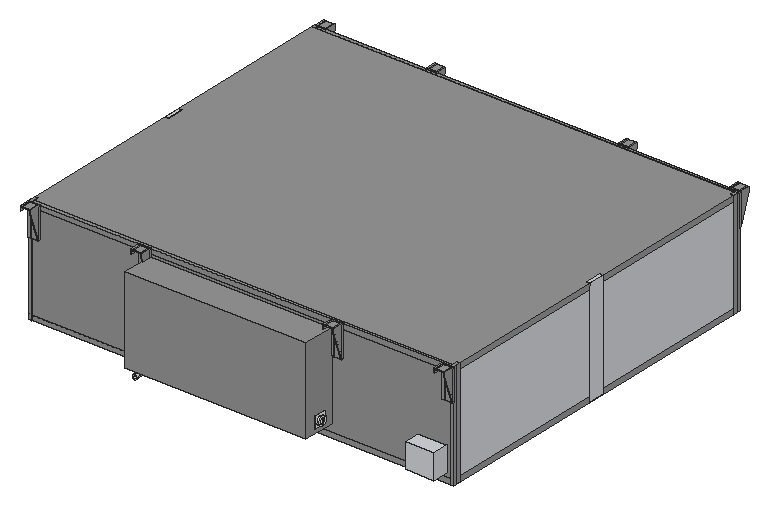
Revit family "НЕВАТОМ_Neiva 2 подвесная CX-Е-R 1000, Версия 2", category Оборудование, Revit 2017
Family settings
  Размер круглого соединителя = Использовать диаметр
  Тип детали = Нормальный
  На основе рабочей плоскости = Да
  Всегда вертикально = Нет
  При загрузке вырезать с полостями = Нет
  Общий = Нет
  Точка расчета площади = Нет
Parameters (values of type "СX-1000-E-R")
  а1 = 40 mm
  а = 527 mm
  Default Elevation = 0 mm
  m = 271 mm
  l1 = 700 mm
  l штуцер = 125 mm
  l двигателя = 350 mm
  l = 470 mm
  k = 20 mm
  h4 = 50 mm
  h3 = 270 mm
  h двигателя = 404 mm
  h = 30 mm
  d штуцер = 0 mm
  b1 = 122.962 mm
  b двигателя = 690 mm
  Nevatom_Производительность = "1000-2000 м³/ч"
  Nevatom_Напорная характеристика, Р1 = 900.0 Pa
  Nevatom_Напорная характеристика, P = 0.0 Pa
  Nevatom_Мощность нагревателя = 12000 W
  Nevatom_Для задания электроснабжения = "380 В"
  Nevatom_URL = "https://t.me/NEVATOM_Bim_bot"
  Nevatom_Q1, м³/ч = 2000.0 m³/h
  Nevatom_Q, м³/ч = 200.0 m³/h
  L = 1600 mm
  H1 = 412 mm
  D PG 16 [instance] = 25 mm
  D PG 11 [instance] = 22 mm
  B = 1300 mm
  ADSK_материал = материал курпуса
  ADSK_Ток = 4.55 A
  ADSK_Расход жидкости = 0.0 m³/h
  ADSK_Расход воздуха = 0.0 m³/h
  ADSK_Размер_Ширина = B  # 1300 mm
  ADSK_Размер_Длина = L  # 1600 mm
  ADSK_Размер_Высота = 412 mm
  ADSK_Примечание = ""
  ADSK_Потеря давления воздуха = 0.0 Pa
  ADSK_Полная мощность = ADSK_Номинальная мощность / ADSK_Коэффициент мощности  # 747.5 VA
  ADSK_Номинальная мощность = 598 W
  ADSK_Напряжение = 230 V
  ADSK_Наименование = "СX-1000-E-R"
  ADSK_Масса = 150
  ADSK_Марка = "СX-1000-E-R"
  ADSK_Коэффициент мощности = 0.8
  ADSK_Количество фаз = 3
  ADSK_Количество = 1  # constant formula
  ADSK_Код изделия = ""
  ADSK_Классификация нагрузок = Двигатель
  ADSK_Завод-изготовитель = "НЕВАТОМ"  # constant formula
  ADSK_Единица измерения = "шт."
  ADSK_URL документации изделия = ""
  A6 = 320 mm
  A1 = 630 mm
Reference planes
  plane 1 "По центру (Вперед/Назад)": y = 0
  plane 2: z = 0
  plane 3 "По центру (Влево/Вправо)": x = 0
  plane 4: y = 691
  plane 5: y = -691
  plane 6: x = -821
  plane 7: x = 821
  plane 8: z = 412
  plane 9: x = -349
  plane 10: z = 382
  plane 11: z = 20
  plane 12: z = 340
  plane 13: z = 112
  plane 14: z = -30
  plane 15: z = 374
  plane 16: y = -1
  plane 17: z = 362
  plane 18: y = -31
  plane 19: y = 31
  plane 20: y = -661
  plane 21: y = 661
  plane 22: x = 1161.949
Forms (mm)
  Extrusion 1, solid, material "материал курпуса" <- "ADSK_материал"
    sketch origin (-9.051, 0, 0) x (-1, 0, 0) y (0, -1, 0)
      loop
        line (-821, -691) -> (821, -691) -> (821, 691) -> (-821, 691) -> (-821, -691)
    from 0 to 20
  Extrusion 2, solid, material "материал курпуса" <- "ADSK_материал"
    sketch origin (-9.051, 0, 0) x (-1, 0, 0) y (0, -1, 0)
      loop
        line (-349, 691) -> (351, 691) -> (351, 813.962) -> (-349, 813.962) -> (-349, 691)
    from 50 to 382
  Extrusion 3, solid, material "материал курпуса" <- "ADSK_материал"
    sketch origin (-10.357, 0, 283.026) x (-1, 0, 0) y (0, -1, 0)
      loop
        line (-822.306, -691) -> (819.694, -691) -> (819.694, 691) -> (-822.306, 691) -> (-822.306, -691)
    from 108.974 to 128.974
  Extrusion 4, solid, material "материал курпуса" <- "ADSK_материал"
    sketch origin (-9.051, -325, 0) x (-1, 0, 0) y (0, -1, 0)
      loop
        line (-821, -1016) -> (821, -1016) -> (821, -1006) -> (-821, -1006) -> (-821, -1016)
    from 0 to 412
  Extrusion 5, solid, material "материал курпуса" <- "ADSK_материал"
    sketch origin (-9.051, -1228.795, 0) x (-1, 0, 0) y (0, -1, 0)
      loop
        line (-821, -547.795) -> (821, -547.795) -> (821, -537.795) -> (-821, -537.795) -> (-821, -547.795)
    from 0 to 412
  Extrusion 6, solid, material "материал курпуса" <- "ADSK_материал"
    sketch origin (-9.051, -970, 0) x (0, 1, 0) y (0, 0, -1)
      loop
        line (309, -412) -> (309, 0) -> (279, 0) -> (279, -412) -> (309, -412)
    from 809.434 to 821
  Extrusion 7, solid, material "материал курпуса" <- "ADSK_материал"
    sketch origin (1415.949, 0, 0) x (0, 1, 0) y (0, 0, -1)
      loop
        line (691, -412) -> (691, 0) -> (661, 0) -> (661, -412) -> (691, -412)
    from 604 to 615.566
  Extrusion 8, solid, material "материал курпуса" <- "ADSK_материал"
    sketch origin (1415.949, -1046.075, 0) x (0, 1, 0) y (0, 0, -1)
      loop
        line (385.075, -412) -> (385.075, 0) -> (355.075, 0) -> (355.075, -412) -> (385.075, -412)
    from 604 to 615.566
  Extrusion 9, solid
    sketch origin (-9.051, 0, 0) x (0, 1, 0) y (0, 0, -1)
      loop
        line (31, 0) -> (-31, 0) -> (-31, -412) -> (31, -412) -> (31, 0)
    from 809.434 to 821
  Extrusion 10, solid
    sketch origin (1340.949, 0, 0) x (0, 1, 0) y (0, 0, -1)
      loop
        line (31, 0) -> (-31, 0) -> (-31, -412) -> (31, -412) -> (31, 0)
    from 529 to 540.566
  Extrusion 11, solid
    sketch origin (-9.051, 0, 0) x (-1, 0, 0) y (0, -1, 0)
      loop
        line (801.215, -661) -> (821, -661) -> (821, -31) -> (801.215, -31) -> (801.215, -661)
    from 20 to 392
  Extrusion 12, solid
    sketch origin (-9.051, 0, 0) x (1, 0, 0) y (0, 1, 0)
      loop
        line (801.215, 661) -> (801.215, 31) -> (821, 31) -> (821, 661) -> (801.215, 661)
    from 20 to 392
  Extrusion 13, solid
    sketch origin (-9.051, 0, 0) x (-1, 0, 0) y (0, -1, 0)
      loop
        line (801.215, 661) -> (801.215, 31) -> (821, 31) -> (821, 661) -> (801.215, 661)
    from 20 to 392
  Extrusion 14, solid
    sketch origin (-9.051, 0, 0) x (1, 0, 0) y (0, 1, 0)
      loop
        line (801.215, -661) -> (821, -661) -> (821, -31) -> (801.215, -31) -> (801.215, -661)
    from 20 to 392
  Extrusion 15, solid
    sketch origin (0, 0, 0) x (1, 0, 0) y (0, 0, 1)
      loop
        line (676.239, 132.036) -> (676.239, 37.036) -> (786.239, 37.036) -> (786.239, 132.036) -> (676.239, 132.036)
    from 691 to 753
Lines and regions (mm)
  reference lines
    curve 1: line (1043.383, -346, 0) -> (502.932, -346, 0)
    curve 2: line (502.932, -346, 0) -> (-352.095, 346.387, 0)
    curve 3: line (-352.095, 346.387, 0) -> (-931.83, 346.387, 0)
    curve 4: line (-1016.682, -346, 0) -> (-362.033, -346, 0)
    curve 5: line (-362.033, -346, 0) -> (503.383, 346.748, 0)
    curve 6: line (503.383, 346.748, 0) -> (958.531, 346.748, 0)
    curve 7: line (-9.051, -661, 410) -> (-9.051, -661, 412)
  model lines
    curve 8: line (1043.383, -346, 0) -> (958.531, -261.147, 0)
    curve 9: line (1043.383, -346, 0) -> (958.531, -430.853, 0)
    curve 10: line (-931.83, 346.387, 0) -> (-1016.682, 431.24, 0)
    curve 11: line (-931.83, 346.387, 0) -> (-1016.682, 261.534, 0)
    curve 12: line (958.531, 346.748, 0) -> (1043.383, 431.601, 0)
    curve 13: line (958.531, 346.748, 0) -> (1043.383, 261.896, 0)
    curve 14: line (-1016.682, -346, 0) -> (-931.83, -261.147, 0)
    curve 15: line (-1016.682, -346, 0) -> (-931.83, -430.853, 0)
Dimensions and locks
  "H1": plane 8 to level
  "A6": plane 11 to plane 12
  "h": plane 8 to plane 10
  "h3": plane 10 to plane 13
  "h4": plane 11 to plane 14
  "h двигателя": plane 15 to plane 14
  plane 10 to plane 17 = 20 mm
  locked: Extrusion 4 to Extrusion 4 at 10
  locked: Extrusion 5 to Extrusion 5 at 10
  locked: plane 20 to Extrusion 5 at 30
  locked: Extrusion 6 to Extrusion 6 at 11.566
  locked: Extrusion 7 to Extrusion 7 at 11.566
  locked: Extrusion 8 to Extrusion 8 at 11.566
  locked: Extrusion 9 to Extrusion 9 at 11.566
  locked: Extrusion 10 to Extrusion 10 at 11.566
  "A1": plane 19 to plane 21
  "A1": plane 18 to plane 20
  Extrusion 11 sketch curve to Extrusion 11 sketch curve = 19.785 mm
  locked: Extrusion 11 to Extrusion 11 at 19.785
  Extrusion 12 sketch curve to Extrusion 12 sketch curve = 19.785 mm
  locked: Extrusion 12 to Extrusion 12 at 19.785
  Extrusion 13 sketch curve to Extrusion 13 sketch curve = 19.785 mm
  locked: Extrusion 13 to Extrusion 13 at 19.785
  Extrusion 14 sketch curve to Extrusion 14 sketch curve = 19.785 mm
  locked: Extrusion 14 to Extrusion 14 at 19.785
  aligned and locked: level to plane 2
  aligned and locked: plane 20 to Extrusion 6
  aligned and locked: plane 20 to Extrusion 8
  aligned and locked: level to Extrusion 9 sketch curve
  aligned and locked: level to Extrusion 10
  aligned and locked: Extrusion 11 to plane 19
  aligned and locked: plane 21 to Extrusion 11
  aligned and locked: plane 5 to Extrusion 15
Automatic sketch dimensions
  curve 7 to plane 8 = 0 mm
  curve 7 to plane 20 = 0 mm
  curve 7 to plane 8 = 2 mm
  Extrusion 1 sketch curve to plane 5 = 0 mm
  Extrusion 1 sketch curve to plane 4 = 0 mm
  plane 7 to Extrusion 1 sketch curve = 9.051 mm
  plane 6 to Extrusion 1 sketch curve = 9.051 mm
  Extrusion 2 sketch curve to plane 5 = 0 mm
  plane 5 to Extrusion 2 sketch curve = 122.962 mm
  Extrusion 2 sketch curve to plane 3 "По центру (Влево/Вправо)" = 339.949 mm
  plane 9 to Extrusion 2 sketch curve = 11.051 mm
  Extrusion 3 sketch curve to plane 5 = 0 mm
  Extrusion 3 sketch curve to plane 4 = 0 mm
  Extrusion 3 sketch curve to plane 7 = 9.051 mm
  Extrusion 3 sketch curve to plane 6 = 9.051 mm
  Extrusion 4 sketch curve to plane 4 = 0 mm
  Extrusion 4 sketch curve to plane 7 = 9.051 mm
  Extrusion 4 sketch curve to plane 6 = 9.051 mm
  Extrusion 4 sketch curve to Extrusion 4 sketch curve = 10 mm
  Extrusion 5 sketch curve to plane 5 = 0 mm
  Extrusion 5 sketch curve to plane 7 = 9.051 mm
  Extrusion 5 sketch curve to plane 6 = 9.051 mm
  Extrusion 5 sketch curve to Extrusion 5 sketch curve = 10 mm
  Extrusion 6 sketch curve to plane 5 = 0 mm
  Extrusion 6 sketch curve to level = 0 mm
  Extrusion 6 sketch curve to plane 20 = 0 mm
  Extrusion 6 sketch curve to plane 8 = 0 mm
  Extrusion 7 sketch curve to plane 8 = 0 mm
  Extrusion 7 sketch curve to plane 21 = 0 mm
  Extrusion 7 sketch curve to level = 0 mm
  Extrusion 7 sketch curve to plane 4 = 0 mm
  Extrusion 8 sketch curve to plane 5 = 0 mm
  Extrusion 8 sketch curve to level = 0 mm
  Extrusion 8 sketch curve to plane 20 = 0 mm
  Extrusion 8 sketch curve to plane 8 = 0 mm
  Extrusion 9 sketch curve to plane 18 = 0 mm
  Extrusion 9 sketch curve to plane 8 = 0 mm
  Extrusion 9 sketch curve to plane 19 = 0 mm
  Extrusion 10 sketch curve to level = 0 mm
  Extrusion 10 sketch curve to plane 18 = 0 mm
  Extrusion 10 sketch curve to plane 8 = 0 mm
  Extrusion 10 sketch curve to plane 19 = 0 mm
  plane 19 to Extrusion 11 sketch curve = 0 mm
  plane 21 to Extrusion 11 sketch curve = 0 mm
  Extrusion 11 sketch curve to plane 6 = 10.735 mm
  plane 19 to Extrusion 12 sketch curve = 0 mm
  plane 21 to Extrusion 12 sketch curve = 0 mm
  Extrusion 12 sketch curve to plane 7 = 28.836 mm
  plane 18 to Extrusion 13 sketch curve = 0 mm
  plane 20 to Extrusion 13 sketch curve = 0 mm
  plane 6 to Extrusion 13 sketch curve = 10.735 mm
  plane 18 to Extrusion 14 sketch curve = 0 mm
  plane 20 to Extrusion 14 sketch curve = 0 mm
  plane 7 to Extrusion 14 sketch curve = 28.836 mm
  Extrusion 15 sketch curve to plane 11 = 17.036 mm
  Extrusion 15 sketch curve to plane 7 = 144.761 mm
  Extrusion 15 sketch curve to plane 7 = 34.761 mm
  plane 13 to Extrusion 15 sketch curve = 20.036 mm
  curve 14 to plane 6 = 195.682 mm
  curve 10 to plane 6 = 110.83 mm
  plane 22 to curve 13 = 203.419 mm
  plane 18 to curve 9 = 315 mm
  plane 18 to curve 15 = 315 mm
  plane 21 to curve 10 = 314.613 mm
  plane 21 to curve 12 = 314.252 mm
  curve 11 to curve 10 = 84.853 mm  (x2)
  curve 10 to curve 10 = 84.853 mm
  curve 14 to plane 6 = 110.83 mm
  curve 15 to plane 6 = 110.83 mm
  curve 8 to curve 8 = 84.853 mm
  curve 9 to curve 8 = 84.853 mm  (x2)
  plane 22 to curve 12 = 118.566 mm
  curve 15 to curve 14 = 84.853 mm
  curve 13 to curve 12 = 84.853 mm
  plane 22 to curve 9 = 118.566 mm
  plane 22 to curve 13 = 118.566 mm
  curve 5 to plane 9 = 13.033 mm
  curve 3 to plane 9 = 3.095 mm
  curve 1 to plane 7 = 318.068 mm
  curve 6 to plane 7 = 317.617 mm
  plane 18 to curve 1 = 315 mm
  plane 18 to curve 5 = 315 mm
  plane 21 to curve 3 = 314.613 mm
  plane 21 to curve 6 = 314.252 mm
  curve 3 to plane 6 = 110.83 mm
  curve 4 to plane 6 = 195.682 mm
  plane 7 to curve 6 = 137.531 mm
  plane 22 to curve 1 = 118.566 mm
Nested families
  nested 1: "NEVATOM_кронштейн" at (-810.894, -710.399, 285.206) x (-1, 0, 0) z (0, 0, 1), type "NEVATOM_кронштейн"
  nested 2: "NEVATOM_кронштейн" at (789.106, 710.399, 285.206) x (-1, 0, 0) z (0, 0, 1), type "NEVATOM_кронштейн"
  nested 3: "NEVATOM_кронштейн" at (-810.894, 710.399, 285.206) x (-1, 0, 0) z (0, 0, 1), type "NEVATOM_кронштейн"
  nested 4: "NEVATOM_кронштейн" at (359.106, -710.399, 285.206) x (-1, 0, 0) z (0, 0, 1), type "NEVATOM_кронштейн"
  nested 5: "NEVATOM_кронштейн" at (-382.894, 710.399, 285.206) x (-1, 0, 0) z (0, 0, 1), type "NEVATOM_кронштейн"
  nested 6: "NEVATOM_кронштейн" at (789.106, -710.399, 285.206) x (-1, 0, 0) z (0, 0, 1), type "NEVATOM_кронштейн"
  nested 7: "NEVATOM_кронштейн" at (-382.894, -710.399, 285.206) x (-1, 0, 0) z (0, 0, 1), type "NEVATOM_кронштейн"
  nested 8: "NEVATOM_кронштейн" at (359.106, 710.399, 285.206) x (-1, 0, 0) z (0, 0, 1), type "NEVATOM_кронштейн"
  nested 9: "NEVATOM_штуцер" at (-320.236, -691, 35.087) x (1, 0, 0) z (0, -1, 0), type "NEVATOM_штуцер"
    with d 18 mm
  nested 10: "NEVATOM_выключатель пластик" at (334.949, -753, 92) x (0, 1, 0) z (1, 0, 0), type "NEVATOM_выключатель пластик"
  nested 11: "NEVATOM_кабельный ввод PG" at (260.449, -754.523, 50) x (-1, 0, 0) z (0, 0, -1), D <- "D PG 16", type "Кабельный ввод PG"
    with h 17.5 mm, d 12.5 mm, D 25 mm
  nested 12: "NEVATOM_кабельный ввод PG" at (228.949, -754.523, 50) x (-1, 0, 0) z (0, 0, -1), D <- "D PG 11", type "Кабельный ввод PG"
    with h 15.4 mm, d 11 mm, D 22 mm
  nested 13: "NEVATOM_кабельный ввод PG" at (200.555, -754.523, 50) x (-1, 0, 0) z (0, 0, -1), D <- "D PG 11", type "Кабельный ввод PG"
    with h 15.4 mm, d 11 mm, D 22 mm
  nested 14: "NEVATOM_кабельный ввод PG" at (172.16, -754.523, 50) x (-1, 0, 0) z (0, 0, -1), D <- "D PG 11", type "Кабельный ввод PG"
    with h 15.4 mm, d 11 mm, D 22 mm
  nested 15: "NEVATOM_кабельный ввод PG" at (143.765, -754.523, 50) x (-1, 0, 0) z (0, 0, -1), D <- "D PG 11", type "Кабельный ввод PG"
    with h 15.4 mm, d 11 mm, D 22 mm
  nested 16: "NEVATOM_кабельный ввод PG" at (115.371, -754.523, 50) x (-1, 0, 0) z (0, 0, -1), D <- "D PG 11", type "Кабельный ввод PG"
    with h 15.4 mm, d 11 mm, D 22 mm
  nested 17: "NEVATOM_кабельный ввод PG" at (86.976, -754.523, 50) x (-1, 0, 0) z (0, 0, -1), D <- "D PG 11", type "Кабельный ввод PG"
    with h 15.4 mm, d 11 mm, D 22 mm
  nested 18: "NEVATOM_кабельный ввод PG" at (290.449, -754.523, 50) x (-1, 0, 0) z (0, 0, -1), D <- "D PG 16", type "Кабельный ввод PG"
    with h 17.5 mm, d 12.5 mm, D 25 mm
Connectors
  hvac at (-830.051, -346, 206), driven by "A6", driven by "A1", driven by "ADSK_Расход воздуха"
    settings: on Extrusion 13, index 16, duct flow 0.0 m³/h, flow factor 0, pres drop 0.0 Pa, loss coef 0, conn angle 0.00°, conn width 630 mm, conn height 320 mm, conn diameter 609.6 mm, duct sys type 29, conn prof type 1, flow config 0, flow direction 2, loss method 0, conn ref index 18, conn util no, is conn primary yes, conn desc ""
  hvac at (-830.051, 346, 206), driven by "A6", driven by "A1", driven by "ADSK_Расход воздуха"
    settings: on Extrusion 11, index 17, duct flow 0.0 m³/h, flow factor 0, pres drop 0.0 Pa, loss coef 0, conn angle 0.00°, conn width 630 mm, conn height 320 mm, conn diameter 609.6 mm, duct sys type 29, conn prof type 1, flow config 0, flow direction 1, loss method 0, conn ref index 19, conn util no, is conn primary no, conn desc ""
  hvac at (811.949, 346, 206), driven by "A6", driven by "A1", driven by "ADSK_Расход воздуха"
    settings: on Extrusion 12, index 18, duct flow 0.0 m³/h, flow factor 0, pres drop 0.0 Pa, loss coef 0, conn angle 0.00°, conn width 630 mm, conn height 320 mm, conn diameter 609.6 mm, duct sys type 3, conn prof type 1, flow config 2, flow direction 1, loss method 0, conn ref index 16, conn util no, is conn primary no, conn desc ""
  hvac at (811.949, -346, 206), driven by "A6", driven by "A1", driven by "ADSK_Расход воздуха"
    settings: on Extrusion 14, index 19, duct flow 0.0 m³/h, flow factor 0, pres drop 0.0 Pa, loss coef 0, conn angle 0.00°, conn width 630 mm, conn height 320 mm, conn diameter 609.6 mm, duct sys type 1, conn prof type 1, flow config 2, flow direction 2, loss method 0, conn ref index 17, conn util no, is conn primary no, conn desc ""
  electrical at (290.449, -754.523, 50), driven by "ADSK_Количество фаз", driven by "ADSK_Классификация нагрузок", driven by "ADSK_Напряжение", driven by "ADSK_Полная мощность", driven by "ADSK_Коэффициент мощности"
    settings: on nested 18, index 20, voltage 230 V, apparent load 0 VA, apparent load phase1 747.5 VA, apparent load phase2 0 VA, apparent load phase3 0 VA, power factor 0.8, load classification "Двигатель", number of poles 3, system type 31, power factor state 1, is connector primary yes, connector utility no, sub classification motor no, connector description ""
  electrical at (260.449, -754.523, 50), driven by "ADSK_Напряжение", driven by "ADSK_Полная мощность", driven by "ADSK_Коэффициент мощности", driven by "ADSK_Количество фаз"
    settings: on nested 11, index 21, voltage 230 V, apparent load 0 VA, apparent load phase1 747.5 VA, apparent load phase2 0 VA, apparent load phase3 0 VA, power factor 0.8, load classification "Двигатель", number of poles 3, system type 31, power factor state 1, is connector primary no, connector utility no, sub classification motor no, connector description ""
  electrical at (228.949, -754.523, 50)
    settings: on nested 12, index 22, voltage 0 V, apparent load 0 VA, apparent load phase1 0 VA, apparent load phase2 0 VA, apparent load phase3 0 VA, power factor 1, load classification "Прочее", number of poles 1, system type 5, power factor state 1, is connector primary no, connector utility no, sub classification motor no, connector description ""
  electrical at (200.555, -754.523, 50)
    settings: on nested 13, index 23, voltage 0 V, apparent load 0 VA, apparent load phase1 0 VA, apparent load phase2 0 VA, apparent load phase3 0 VA, power factor 1, load classification "Прочее", number of poles 1, system type 5, power factor state 1, is connector primary no, connector utility no, sub classification motor no, connector description ""
  electrical at (172.16, -754.523, 50)
    settings: on nested 14, index 24, voltage 0 V, apparent load 0 VA, apparent load phase1 0 VA, apparent load phase2 0 VA, apparent load phase3 0 VA, power factor 1, load classification "Прочее", number of poles 1, system type 5, power factor state 1, is connector primary no, connector utility no, sub classification motor no, connector description ""
  electrical at (143.765, -754.523, 50)
    settings: on nested 15, index 25, voltage 0 V, apparent load 0 VA, apparent load phase1 0 VA, apparent load phase2 0 VA, apparent load phase3 0 VA, power factor 1, load classification "Прочее", number of poles 1, system type 5, power factor state 1, is connector primary no, connector utility no, sub classification motor no, connector description ""
  electrical at (115.371, -754.523, 50)
    settings: on nested 16, index 26, voltage 0 V, apparent load 0 VA, apparent load phase1 0 VA, apparent load phase2 0 VA, apparent load phase3 0 VA, power factor 1, load classification "Прочее", number of poles 1, system type 5, power factor state 1, is connector primary no, connector utility no, sub classification motor no, connector description ""
  electrical at (86.976, -754.523, 50)
    settings: on nested 17, index 27, voltage 0 V, apparent load 0 VA, apparent load phase1 0 VA, apparent load phase2 0 VA, apparent load phase3 0 VA, power factor 1, load classification "Прочее", number of poles 1, system type 5, power factor state 1, is connector primary no, connector utility no, sub classification motor no, connector description ""
Definition of nested family "NEVATOM_кронштейн"
  Reference planes
    plane 1 "По центру (Вперед/Назад)": y = 0
    plane 2: z = 0
    plane 3 "По центру (Влево/Вправо)": x = 0
  Forms (mm)
    Extrusion 1, solid
      sketch origin (-545.844, 366.399, 0) x (0, 1, 0) y (0, 0, 1)
        loop
          line (-351.118, 126.794) -> (-389, 126.794) -> (-389, 111.794) -> (-351.118, 3.126) -> (-351.118, 126.794)
      from 523 to 527.712
    Extrusion 2, solid
      sketch origin (-545.844, 301.399, 0) x (1, 0, 0) y (0, 0, 1)
        loop
          line (557.712, 126.794) -> (557.712, 123.742) -> (561.763, 123.742) -> (561.763, 111.794) -> (565, 111.794) -> (565, 126.794) -> (557.712, 126.794)
      from 286.118 to 324
    Extrusion 3, solid
      sketch origin (-545.844, 301.399, 20) x (1, 0, 0) y (0, 0, 1)
        loop
          line (565, -16.874) -> (565, 106.794) -> (553, 106.794) -> (553, -16.874) -> (565, -16.874)
      from 282 to 286.118
    Extrusion 4, solid
      sketch origin (-545.844, 301.399, 20) x (1, 0, 0) y (0, 0, 1)
        loop
          line (565, -16.874) -> (565, 106.794) -> (523, 106.794) -> (523, -16.874) -> (565, -16.874)
      from 282 to 286.118
    Extrusion 5, solid
      sketch origin (-545.844, 301.399, 0) x (1, 0, 0) y (0, 0, 1)
        loop
          line (527.712, 126.794) -> (527.712, 123.742) -> (561.763, 123.742) -> (561.763, 111.794) -> (565, 111.794) -> (565, 126.794) -> (527.712, 126.794)
      from 286.118 to 324
  Dimensions and locks
    aligned and locked: level to plane 2
Definition of nested family "NEVATOM_штуцер"
  Parameters (values of type "NEVATOM_штуцер")
    Default Elevation = 1219.2 mm
    h = 125 mm
    d1 = 15 mm
    d [instance] = 18 mm
  Reference planes
    plane 1 "По центру (Вперед/Назад)": y = 0
    plane 2: z = 0
    plane 3 "По центру (Влево/Вправо)": x = 0
    plane 4: z = 125
  Forms (mm)
    Extrusion 1, solid
      sketch origin (0, 0, 0) x (1, 0, 0) y (0, 1, 0)
        loop
          line (-1219.2, 1219.2) -> (-1219.2, -1219.2) -> (1219.2, -1219.2) -> (1219.2, 1219.2) -> (-1219.2, 1219.2)
      from 0 to -304.8
    Extrusion 2, solid
      sketch origin (0, 0, 0) x (1, 0, 0) y (0, 1, 0)
        loop
          circle (0, 0) r 9
        loop
          circle (0, 0) r 7.5
      from 0 to 125
  Dimensions and locks
    "h": plane 4 to level
    "d1": diameter of Extrusion 2 sketch curve
    "d": diameter of Extrusion 2 sketch curve
    aligned and locked: plane 2 to Extrusion 1
    aligned and locked: level to Extrusion 1
    aligned and locked: Extrusion 2 to level
    aligned and locked: plane 4 to Extrusion 2
  Automatic sketch dimensions
    Extrusion 1 sketch curve to Extrusion 1 sketch curve = 2438.4 mm  (x2)
    Extrusion 2 sketch curve to Extrusion 2 sketch curve = 0 mm  (x2)
    plane 1 "По центру (Вперед/Назад)" to Extrusion 2 sketch curve = 0 mm
    Extrusion 2 sketch curve to plane 3 "По центру (Влево/Вправо)" = 0 mm
Definition of nested family "NEVATOM_выключатель пластик"
  Parameters (values of type "NEVATOM_выключатель пластик")
    Default Elevation = 1219.2 mm
    h = 18 mm
    b = 44 mm
    a = 44 mm
  Reference planes
    plane 1 "По центру (Вперед/Назад)": y = 0
    plane 2: z = 0
    plane 3 "По центру (Влево/Вправо)": x = 0
    plane 4: x = -22
    plane 5: x = 22
    plane 6: y = -22
    plane 7: y = 22
    plane 8: z = 18
  Forms (mm)
    Extrusion 1, solid
      sketch origin (0, 0, 0) x (1, 0, 0) y (0, 1, 0)
        loop
          line (-22, 22) -> (-22, -22) -> (22, -22) -> (22, 22) -> (-22, 22)
      from 5 to 10
    Extrusion 2, solid
      sketch origin (0, 0, 0) x (1, 0, 0) y (0, 1, 0)
        loop
          circle (0, 0) r 17.083
        loop
          circle (0, 0) r 13.032
      from 10 to 20
    Extrusion 3, solid
      sketch origin (0, 0, 0) x (1, 0, 0) y (0, 1, 0)
        loop
          line (-1.523, -13.032) -> (1.565, -13.032) -> (1.565, 12.938) -> (-1.523, 12.938) -> (-1.523, -13.032)
      from 5 to 20
  Cuts and joins
    joined: Extrusion 1, Extrusion 2
  Dimensions and locks
    equal spacing: plane 7, plane 1 "По центру (Вперед/Назад)", plane 6
    "a": plane 7 to plane 6
    equal spacing: plane 4, plane 3 "По центру (Влево/Вправо)", plane 5
    "b": plane 4 to plane 5
    "h": plane 8 to level
    aligned and locked: level to plane 2
  Automatic sketch dimensions
    Extrusion 1 sketch curve to plane 4 = 0 mm
    Extrusion 1 sketch curve to plane 5 = 0 mm
    Extrusion 1 sketch curve to plane 6 = 0 mm
    Extrusion 1 sketch curve to plane 7 = 0 mm
    Extrusion 2 sketch curve to Extrusion 2 sketch curve = 0 mm  (x2)
    plane 1 "По центру (Вперед/Назад)" to Extrusion 2 sketch curve = 0 mm
    Extrusion 2 sketch curve to plane 3 "По центру (Влево/Вправо)" = 0 mm
    Extrusion 3 sketch curve to plane 3 "По центру (Влево/Вправо)" = 1.523 mm
    plane 3 "По центру (Влево/Вправо)" to Extrusion 3 sketch curve = 1.565 mm
    plane 6 to Extrusion 3 sketch curve = 8.968 mm
    Extrusion 3 sketch curve to plane 7 = 9.062 mm
    radius of Extrusion 2 sketch curve = 17.083 mm
    radius of Extrusion 2 sketch curve = 13.032 mm
Definition of nested family "NEVATOM_кабельный ввод PG"
  Parameters (values of type "Кабельный ввод PG")
    Default Elevation = 1219.2 mm
    h [instance] = 0.7 * D  # 21 mm
    d [instance] = 0.5 * D  # 15 mm
    D [instance] = 30 mm
  Reference planes
    plane 1 "По центру (Вперед/Назад)": y = 0
    plane 2: z = 0
    plane 3 "По центру (Влево/Вправо)": x = 0
    plane 4: y = 15
    plane 5: y = -15
    plane 6: x = -15
    plane 7: x = 15
    plane 8: through (0, 0, 1219.2) normal (-0.7071, 0.7071, 0)
    plane 9: through (0, 0, 1219.2) normal (-0.7071, -0.7071, 0)
    plane 10: through (10.607, -10.607, 1219.2) normal (-0.7071, 0.7071, 0)
    plane 11: through (-10.607, 10.607, 1219.2) normal (-0.7071, 0.7071, 0)
    plane 12: through (10.607, 10.607, 1219.2) normal (-0.7071, -0.7071, 0)
    plane 13: through (-10.607, -10.607, 1219.2) normal (-0.7071, -0.7071, 0)
    plane 14: z = 30
    plane 15: z = 21
  Forms (mm)
    Extrusion 1, solid
      sketch origin (0, 0, 0) x (1, 0, 0) y (0, 1, 0)
        loop
          line (-1219.2, 1219.2) -> (-1219.2, -1219.2) -> (1219.2, -1219.2) -> (1219.2, 1219.2) -> (-1219.2, 1219.2)
      from 0 to -304.8
    Extrusion 2, solid
      sketch origin (0, 0, 0) x (1, 0, 0) y (0, 1, 0)
        loop
          line (-6.213, 15) -> (-15, 6.213) -> (-15, -6.213) -> (-6.213, -15) -> (6.213, -15) -> (15, -6.213) -> (15, 6.213) -> (6.213, 15) -> (-6.213, 15)
      from 0 to 21
    Blend 3, solid
      base sketch origin (0, 0, 0) x (1, 0, 0) y (0, 1, 0)
        loop
          circle (0, 0) r 15
      top sketch origin (0, 0, 0) x (1, 0, 0) y (0, 1, 0)
        loop
          circle (0, 0) r 7.5
      from 21 to 30
    Extrusion 4, void
      sketch origin (0, 0, 0) x (1, 0, 0) y (0, 1, 0)
        loop
          circle (0, 0) r 7.5
      from 0 to 30
  Cuts and joins
    Extrusion 4 cuts Extrusion 2
    Extrusion 4 cuts Blend 3
    joined: Extrusion 2, Blend 3
  Dimensions and locks
    equal spacing: plane 6, plane 3 "По центру (Влево/Вправо)", plane 7
    equal spacing: plane 4, plane 1 "По центру (Вперед/Назад)", plane 5
    "D": plane 6 to plane 7
    "D": plane 4 to plane 5
    equal spacing: plane 11, plane 8, plane 10
    "D": plane 11 to plane 10
    equal spacing: plane 12, plane 9, plane 13
    "D": plane 12 to plane 13
    "D": plane 14 to Extrusion 1
    "h": plane 15 to Extrusion 1
    "D": diameter of Blend 3 sketch curve
    "d": diameter of Blend 3 sketch curve
    "d": diameter of Extrusion 4 sketch curve
    aligned and locked: plane 2 to Extrusion 1
    aligned and locked: level to Extrusion 1
    aligned and locked: Extrusion 2 sketch curve to plane 4
    aligned and locked: Extrusion 2 sketch curve to plane 12
    aligned and locked: plane 7 to Extrusion 2 sketch curve
    aligned and locked: plane 10 to Extrusion 2 sketch curve
    aligned and locked: plane 5 to Extrusion 2 sketch curve
    aligned and locked: plane 13 to Extrusion 2 sketch curve
    aligned and locked: Extrusion 2 sketch curve to plane 6
    aligned and locked: Extrusion 2 sketch curve to plane 11
    aligned and locked: plane 15 to Extrusion 2
    aligned and locked: plane 14 to Blend 3
    aligned and locked: Blend 3 to plane 15
    aligned and locked: plane 14 to Extrusion 4
  Automatic sketch dimensions
    Extrusion 1 sketch curve to Extrusion 1 sketch curve = 2438.4 mm  (x2)
    plane 1 "По центру (Вперед/Назад)" to Blend 3 sketch curve = 0 mm  (x2)
    Blend 3 sketch curve to plane 3 "По центру (Влево/Вправо)" = 0 mm  (x2)
    plane 1 "По центру (Вперед/Назад)" to Extrusion 4 sketch curve = 0 mm
    Extrusion 4 sketch curve to plane 3 "По центру (Влево/Вправо)" = 0 mm
